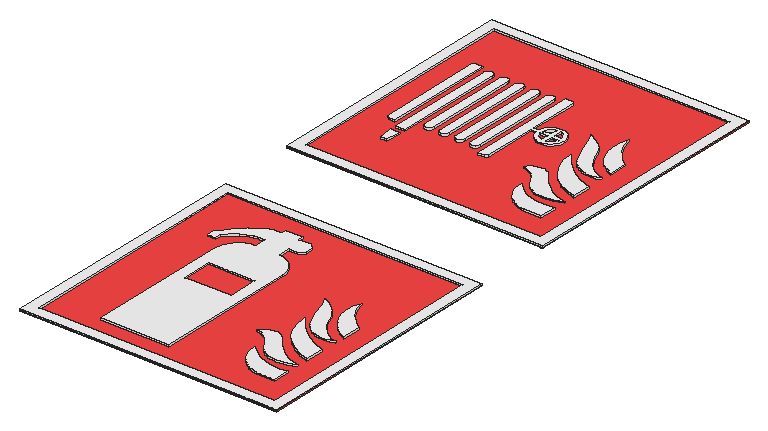
Revit family "GRAS_HWG-33N-KP-20-30 HS Z", category Osprzęt hydrauliczny, Revit 2018
Family settings
  Obiekt nadrzędny = Powierzchnia
  Wymiar okrągłego złącza = Użyj średnicy
  Typ części = Normalny
  Tnij formami wycięć po wczytaniu = Nie
  Współdzielony = Nie
  Punkt obliczania pomieszczeń = Nie
Parameters (values of type "HWG-33N-KP-20/30 HS-Z, RAL3000")
  W1 = 80 mm
  URL = "http://www.gras.pl/"
  Top Right Supply Connection = ""
  Top Left Supply Connection = ""
  Side Right Supply Connection = ""
  Side Left Supply Connection = ""
  Producent = "GRAS PPPH"
  Pictogram_height = 90 mm
  Opis = "http://gras.pl/wp-content/uploads/2020/01/gras-hwg-33n-kp-20-30-hs-z.pdf"
  Model = "HWG-33N-KP-20/30 HS-Z, RAL3000"
  K Factor = 42
  H1 = 120 mm
  Flow = 114.0 L/s
  Door_Right - Door_Left [instance] = no
  Default Elevation = 0 mm
  DN = 32 mm
  D1 = 120 mm
  Cabinet width = 795 mm
  Cabinet material = DC01, RAL3000
  Cabinet height = 1040 mm
  Cabinet depth = 290 mm
  Back Right Supply Connection = ""
  Back Left Supply Connection = ""
  0 = 0 mm
Types (2, lengths in mm): name | Model | Cabinet material
  HWG-33N-KP-20/30 HS-Z, RAL9010 | "HWG-33N-KP-20/30 HS-Z, RAL9010" | DC01, RAL9010
  HWG-33N-KP-20/30 HS-Z, RAL3000 | "HWG-33N-KP-20/30 HS-Z, RAL3000" | DC01, RAL3000
Reference planes
  plane 1 "Środek (Przód/Tył)": y = 0
  plane 2: z = 0
  plane 3 "Środek (Lewa/Prawa)": x = 0
  plane 4: y = 520
  plane 5: y = -520
  plane 6: x = -397.5
  plane 7: x = 397.5
  plane 8: z = 290
  plane 9: z = 130
  plane 10: x = 397.5
  plane 11: z = 0
  plane 12: x = -397.5
  plane 13: z = 130
  plane 14: z = 130
Forms (mm)
  Extrusion 1, solid, not visible
    sketch origin (0, 0, 0) x (1, 0, 0) y (0, 1, 0)
      loop
        line (-1219.2, 1219.2) -> (-1219.2, -1219.2) -> (1219.2, -1219.2) -> (1219.2, 1219.2) -> (-1219.2, 1219.2)
    from 0 to -304.8
Dimensions and locks
  equal spacing: plane 4, plane 1 "Środek (Przód/Tył)", plane 5
  "Cabinet height": plane 4 to plane 5
  equal spacing: plane 6, plane 3 "Środek (Lewa/Prawa)", plane 7
  "Cabinet width": plane 6 to plane 7
  "Cabinet depth": plane 8 to Extrusion 1
  "0": nested 1 to plane 8
  "0": plane 3 "Środek (Lewa/Prawa)" to nested 1
  "0": plane 3 "Środek (Lewa/Prawa)" to nested 2
  "0": plane 1 "Środek (Przód/Tył)" to nested 2
  "Pictogram_height": plane 4 to nested 1
  "0": nested 2 to nested 3
  locked: nested 1 to nested 3 at 45
  aligned and locked: plane 2 to Extrusion 1
  aligned and locked: level to Extrusion 1
Automatic sketch dimensions
  Extrusion 1 sketch curve to Extrusion 1 sketch curve = 2438.4 mm  (x2)
Nested families
  nested 1: "pictogram_hydrant" at (0, 355, 290), type "150x150"
  nested 2: "Cabinet_complet" at (0, 0, 0), visible <- "Door_Right - Door_Left", type "Cabinet_complet"
    with W1 80 mm, Visible_Right yes, Left_Right no, Hinge_H2 878 mm, Half_Height 520 mm, Height 1040 mm, H1 120 mm, Flow 114.0 L/s, Door_Rubber 268 mm, Door_Height 974 mm, Door_Half_Height 487 mm, Depth 290 mm, DN_Hole 52 mm, DN 32 mm, D1 120 mm
  nested 3: "pictogram_fire_extinguisher" at (0, 160, 290), type "150x150"
Connectors
  piping at (396.5, 400, 120), diameter 32, driven by "DN", driven by "Flow"
    settings: on nested 2, index 1, connector inside diameter 609.6 mm, connector length 0 mm, flow factor 0, pipe flow 114.0 L/s, pressure drop 0.0 Pa, fitting loss kfactor 0, connector angle 0.00°, fixture units 0, engagement length 0 mm, angle of deflection 0.00°, flow configuration 0, flow direction 0, fitting loss method 0, system type 7, joint type 0, gender type 0, connector reference index -1, connector utility 0, adjustable connector no, is connector primary yes, connector description ""
  piping at (317.5, 400, 1), diameter 32, driven by "DN", driven by "Flow"
    settings: on nested 2, index 2, connector inside diameter 609.6 mm, connector length 0 mm, flow factor 0, pipe flow 114.0 L/s, pressure drop 0.0 Pa, fitting loss kfactor 0, connector angle 0.00°, fixture units 0, engagement length 0 mm, angle of deflection 0.00°, flow configuration 0, flow direction 0, fitting loss method 0, system type 7, joint type 0, gender type 0, connector reference index -1, connector utility 0, adjustable connector no, is connector primary no, connector description ""
  piping at (-397.5, 400, 120), diameter 32, driven by "DN", driven by "Flow"
    settings: on nested 2, index 3, connector inside diameter 609.6 mm, connector length 0 mm, flow factor 0, pipe flow 114.0 L/s, pressure drop 0.0 Pa, fitting loss kfactor 0, connector angle 0.00°, fixture units 0, engagement length 0 mm, angle of deflection 0.00°, flow configuration 0, flow direction 0, fitting loss method 0, system type 19, joint type 0, gender type 0, connector reference index -1, connector utility 0, adjustable connector no, is connector primary no, connector description ""
  piping at (-317.5, 400, 0), diameter 32, driven by "DN"
    settings: on nested 2, index 4, connector inside diameter 609.6 mm, connector length 0 mm, flow factor 0, pipe flow 0.0 L/s, pressure drop 0.0 Pa, fitting loss kfactor 0, connector angle 0.00°, fixture units 0, engagement length 0 mm, angle of deflection 0.00°, flow configuration 0, flow direction 0, fitting loss method 0, system type 19, joint type 0, gender type 0, connector reference index -1, connector utility 0, adjustable connector no, is connector primary no, connector description ""
Definition of nested family "pictogram_hydrant"
  Parameters (values of type "150x150")
    pictogram_color_white = none
    pictogram_color_red = none
    W = 150 mm
    H = 150 mm
    Default Elevation = 1219.2 mm
  Reference planes
    plane 1 "Środek (Przód/Tył)": y = 0
    plane 2: z = 0
    plane 3 "Środek (Lewa/Prawa)": x = 0
    plane 4: x = -75
    plane 5: x = 75
    plane 6: y = 75
    plane 7: x = -75
    plane 8: x = 75
    plane 9: y = 75
    plane 10: y = -75
  Forms (mm)
    Extrusion 1, solid, material <- "pictogram_color_white", detail levels fine
      sketch origin (0, 0, 0) x (1, 0, 0) y (0, 1, 0)
        loop
          arc (-42.375, 34.5) -> (-45, 37.125) -> (-47.625, 34.5) r 2.625
          line (-47.625, 34.5) -> (-47.625, -29.625) -> (-42.375, -29.625) -> (-42.375, 34.5)
        loop
          arc (-38.625, -19.5) -> (-36, -22.125) -> (-33.375, -19.5) r 2.625
          line (-33.375, -19.5) -> (-33.375, 34.5)
          arc (-33.375, 34.5) -> (-36, 37.125) -> (-38.625, 34.5) r 2.625
          line (-38.625, 34.5) -> (-38.625, -19.5)
        loop
          arc (-29.625, -19.5) -> (-27, -22.125) -> (-24.375, -19.5) r 2.625
          line (-24.375, -19.5) -> (-24.375, 34.5)
          arc (-24.375, 34.5) -> (-27, 37.125) -> (-29.625, 34.5) r 2.625
          line (-29.625, 34.5) -> (-29.625, -19.5)
        loop
          arc (-20.625, -19.5) -> (-18, -22.125) -> (-15.375, -19.5) r 2.625
          line (-15.375, -19.5) -> (-15.375, 34.5)
          arc (-15.375, 34.5) -> (-18, 37.125) -> (-20.625, 34.5) r 2.625
          line (-20.625, 34.5) -> (-20.625, -19.5)
        loop
          arc (-11.625, -19.5) -> (-9, -22.125) -> (-6.375, -19.5) r 2.625
          line (-6.375, -19.5) -> (-6.375, 34.5)
          arc (-6.375, 34.5) -> (-9, 37.125) -> (-11.625, 34.5) r 2.625
          line (-11.625, 34.5) -> (-11.625, -19.5)
        loop
          arc (8.096, 6.375) -> (9.601, 3.593) -> (12.375, 2.075) r 5.587
          line (12.375, 2.075) -> (12.375, 6.375) -> (8.096, 6.375)
        loop
          arc (14.625, 2.05) -> (17.477, 3.549) -> (19.026, 6.375) r 5.587
          line (19.026, 6.375) -> (14.625, 6.375) -> (14.625, 2.05)
        loop
          arc (12.375, 12.994) -> (9.576, 11.45) -> (8.081, 8.625) r 5.587
          line (8.081, 8.625) -> (12.375, 8.625) -> (12.375, 12.994)
        loop
          arc (19.04, 8.625) -> (17.502, 11.494) -> (14.625, 13.019) r 5.587
          line (14.625, 13.019) -> (14.625, 8.625) -> (19.04, 8.625)
        loop
          arc (30.735, -35.586) -> (34.985, -47.78) -> (46.5, -53.625) r 17.285
          line (46.5, -53.625) -> (56.625, -53.625) -> (56.625, -43.857)
          arc (56.625, -43.857) -> (42.542, -43.284) -> (30.735, -35.586) r 26.558
        loop
          arc (43.5, 26.625) -> (44.037, 9.214) -> (56.632, -2.819) r 22.981
          line (56.632, -2.819) -> (56.601, 7.732)
          arc (56.601, 7.732) -> (48.159, 15.867) -> (43.5, 26.625) r 29.857
        loop
          arc (36.375, -1.5) -> (44.77, -9.178) -> (56.121, -8.425) r 14.487
          arc (56.121, -8.425) -> (50.239, -6.221) -> (45.629, -1.954) r 16.287
          arc (45.629, -1.954) -> (42.437, 2.964) -> (40.404, 8.464) r 26.509
          arc (40.404, 8.464) -> (34.776, 15.029) -> (27.375, 19.5) r 27.251
          arc (27.375, 19.5) -> (29.19, 16.657) -> (30.375, 13.5) r 16.152
          arc (30.375, 13.5) -> (32.842, 5.787) -> (36.375, -1.5) r 57.118
        loop
          line (75, -75) -> (75, 75) -> (-75, 75) -> (-75, -75) -> (75, -75)
        loop
          line (69, -69) -> (69, 69) -> (-69, 69) -> (-69, -69) -> (69, -69)
        loop
          line (-55.125, -25.5) -> (-51.375, -25.5) -> (-51.375, 38.625) -> (-55.125, 38.625) -> (-56.625, 37.125) -> (-56.625, -24) -> (-55.125, -25.5)
        loop
          line (-43.234, -41.671) -> (-42.368, -33.375) -> (-47.658, -33.375) -> (-46.721, -41.671) -> (-43.234, -41.671)
        loop
          line (5.748, 8.625) -> (2.625, 8.625) -> (2.625, 37.125) -> (1.125, 38.625) -> (-2.625, 38.625) -> (-2.625, -25.5) -> (1.125, -25.5) -> (2.625, -24) -> (2.625, 6.375) -> (5.748, 6.375)
          arc (5.748, 6.375) -> (21.333, 7.5) -> (5.748, 8.625) r 7.833
        loop
          arc (56.626, -18.699) -> (42.495, -11.687) -> (31.5, -0.375) r 46.748
          arc (31.5, -0.375) -> (38.925, -19.413) -> (56.626, -29.624) r 30.825
          line (56.626, -29.624) -> (56.626, -18.699)
        loop
          arc (30.403, -18.389) -> (25.366, -19.297) -> (21.375, -22.5) r 10.383
          arc (21.375, -22.5) -> (27.7, -25.134) -> (32.166, -30.331) r 14.829
          arc (32.166, -30.331) -> (35.524, -35.29) -> (40.5, -38.625) r 15.649
          arc (40.5, -38.625) -> (48.741, -38.75) -> (56.621, -36.335) r 26.465
          arc (56.621, -36.335) -> (49.534, -34.515) -> (43.5, -30.375) r 21.005
          arc (43.5, -30.375) -> (39.113, -26.466) -> (35.439, -21.881) r 35.088
          arc (35.439, -21.881) -> (33.209, -19.719) -> (30.403, -18.389) r 9.54
      from 0.2 to 1
    Extrusion 2, solid, material <- "pictogram_color_red", detail levels fine
      sketch origin (0, 0, 0) x (1, 0, 0) y (0, 1, 0)
        loop
          line (-75, 75) -> (-75, -75) -> (75, -75) -> (75, 75) -> (-75, 75)
      from 0 to 0.2
  Dimensions and locks
    equal spacing: plane 7, plane 3 "Środek (Lewa/Prawa)", plane 8
    "W": plane 7 to plane 8
    equal spacing: plane 9, plane 1 "Środek (Przód/Tył)", plane 10
    "H": plane 9 to plane 10
    aligned and locked: level to plane 2
    aligned and locked: Extrusion 1 to Extrusion 2  (x2)
    aligned and locked: Extrusion 2 to Extrusion 1  (x3)
    aligned and locked: Extrusion 1 to plane 7
    aligned and locked: plane 8 to Extrusion 1
    aligned and locked: plane 9 to Extrusion 1
    aligned and locked: Extrusion 1 to plane 10
  Automatic sketch dimensions
    Extrusion 1 sketch curve to Extrusion 1 sketch curve = 0 mm  (x22)
    Extrusion 1 sketch curve to plane 4 = 0 mm
    Extrusion 1 sketch curve to plane 5 = 0 mm
    Extrusion 1 sketch curve to plane 6 = 0 mm
    plane 4 to Extrusion 1 sketch curve = 6 mm
    plane 4 to Extrusion 1 sketch curve = 18.375 mm
    Extrusion 1 sketch curve to Extrusion 1 sketch curve = 1.5 mm  (x7)
    Extrusion 1 sketch curve to Extrusion 1 sketch curve = 3.75 mm  (x6)
    Extrusion 1 sketch curve to Extrusion 1 sketch curve = 3.717 mm
    Extrusion 1 sketch curve to Extrusion 1 sketch curve = 0.033 mm
    Extrusion 1 sketch curve to Extrusion 1 sketch curve = 0.938 mm
    Extrusion 1 sketch curve to Extrusion 1 sketch curve = 2.625 mm  (x7)
    Extrusion 1 sketch curve to Extrusion 1 sketch curve = 3.487 mm
    Extrusion 1 sketch curve to Extrusion 1 sketch curve = 0.007 mm
    Extrusion 1 sketch curve to plane 3 "Środek (Lewa/Prawa)" = 2.625 mm
    plane 3 "Środek (Lewa/Prawa)" to Extrusion 1 sketch curve = 1.125 mm  (x2)
    plane 3 "Środek (Lewa/Prawa)" to Extrusion 1 sketch curve = 2.625 mm
    Extrusion 1 sketch curve to Extrusion 1 sketch curve = 3.123 mm
    Extrusion 1 sketch curve to Extrusion 1 sketch curve = 2.333 mm
    Extrusion 1 sketch curve to Extrusion 1 sketch curve = 0.014 mm  (x2)
    Extrusion 1 sketch curve to Extrusion 1 sketch curve = 4.294 mm
    Extrusion 1 sketch curve to Extrusion 1 sketch curve = 1.125 mm  (x2)
    Extrusion 1 sketch curve to Extrusion 1 sketch curve = 0.061 mm
    Extrusion 1 sketch curve to Extrusion 1 sketch curve = 1.064 mm  (x2)
    Extrusion 1 sketch curve to Extrusion 1 sketch curve = 0.118 mm
    Extrusion 1 sketch curve to Extrusion 1 sketch curve = 2.539 mm
    plane 3 "Środek (Lewa/Prawa)" to Extrusion 1 sketch curve = 18.99 mm
    Extrusion 1 sketch curve to Extrusion 1 sketch curve = 4.401 mm
    Extrusion 1 sketch curve to Extrusion 1 sketch curve = 8.783 mm
    Extrusion 1 sketch curve to Extrusion 1 sketch curve = 1.895 mm
    plane 1 "Środek (Przód/Tył)" to Extrusion 1 sketch curve = 12.549 mm
    Extrusion 1 sketch curve to Extrusion 1 sketch curve = 15.349 mm
    Extrusion 1 sketch curve to plane 5 = 28.5 mm
    Extrusion 1 sketch curve to Extrusion 1 sketch curve = 1.545 mm
    Extrusion 1 sketch curve to Extrusion 1 sketch curve = 1.437 mm
    Extrusion 1 sketch curve to plane 1 "Środek (Przód/Tył)" = 4.493 mm
    Extrusion 1 sketch curve to Extrusion 1 sketch curve = 4.546 mm
    Extrusion 1 sketch curve to Extrusion 1 sketch curve = 4.061 mm
    Extrusion 1 sketch curve to Extrusion 1 sketch curve = 7.037 mm
    Extrusion 1 sketch curve to Extrusion 1 sketch curve = 10.125 mm
    Extrusion 1 sketch curve to Extrusion 1 sketch curve = 8.626 mm
    plane 1 "Środek (Przód/Tył)" to Extrusion 1 sketch curve = 2.819 mm
    Extrusion 1 sketch curve to Extrusion 1 sketch curve = 7.068 mm
    Extrusion 1 sketch curve to Extrusion 1 sketch curve = 1.594 mm
    Extrusion 1 sketch curve to Extrusion 1 sketch curve = 2.188 mm
    Extrusion 1 sketch curve to plane 1 "Środek (Przód/Tył)" = 0.672 mm
    Extrusion 1 sketch curve to Extrusion 1 sketch curve = 5.675 mm
    plane 1 "Środek (Przód/Tył)" to Extrusion 1 sketch curve = 2.314 mm
    Extrusion 1 sketch curve to Extrusion 1 sketch curve = 2.258 mm
    Extrusion 1 sketch curve to plane 5 = 9.975 mm
    Extrusion 1 sketch curve to Extrusion 1 sketch curve = 1.108 mm
    Extrusion 1 sketch curve to plane 5 = 6 mm
    Extrusion 1 sketch curve to plane 5 = 4.96 mm
    Extrusion 1 sketch curve to plane 5 = 2.306 mm
    plane 5 to Extrusion 1 sketch curve = 10.875 mm
    Extrusion 1 sketch curve to Extrusion 1 sketch curve = 12.572 mm
    Extrusion 1 sketch curve to Extrusion 1 sketch curve = 5.437 mm
    Extrusion 1 sketch curve to Extrusion 1 sketch curve = 3.308 mm
    plane 1 "Środek (Przód/Tył)" to Extrusion 1 sketch curve = 19.5 mm
    Extrusion 1 sketch curve to Extrusion 1 sketch curve = 4.5 mm  (x2)
    Extrusion 1 sketch curve to Extrusion 1 sketch curve = 6.213 mm
    Extrusion 1 sketch curve to Extrusion 1 sketch curve = 3.361 mm
    Extrusion 1 sketch curve to Extrusion 1 sketch curve = 1.186 mm
    Extrusion 1 sketch curve to Extrusion 1 sketch curve = 10.925 mm
    Extrusion 1 sketch curve to Extrusion 1 sketch curve = 4.125 mm
    Extrusion 1 sketch curve to Extrusion 1 sketch curve = 6.781 mm
    Extrusion 1 sketch curve to Extrusion 1 sketch curve = 9.577 mm
    Extrusion 1 sketch curve to Extrusion 1 sketch curve = 8.296 mm
    Extrusion 1 sketch curve to Extrusion 1 sketch curve = 7.452 mm
    Extrusion 1 sketch curve to Extrusion 1 sketch curve = 9.768 mm
    Extrusion 1 sketch curve to Extrusion 1 sketch curve = 27.329 mm
    Extrusion 1 sketch curve to Extrusion 1 sketch curve = 6 mm
    plane 1 "Środek (Przód/Tył)" to Extrusion 1 sketch curve = 5.765 mm
    Extrusion 1 sketch curve to plane 1 "Środek (Przód/Tył)" = 2.05 mm
    Extrusion 1 sketch curve to plane 1 "Środek (Przód/Tył)" = 2.075 mm
    Extrusion 1 sketch curve to Extrusion 1 sketch curve = 4.325 mm
    Extrusion 1 sketch curve to Extrusion 1 sketch curve = 0.034 mm
    Extrusion 1 sketch curve to plane 1 "Środek (Przód/Tył)" = 7.642 mm
    Extrusion 1 sketch curve to Extrusion 1 sketch curve = 0.09 mm
    Extrusion 1 sketch curve to Extrusion 1 sketch curve = 2.25 mm
    Extrusion 1 sketch curve to Extrusion 1 sketch curve = 0.809 mm
    Extrusion 1 sketch curve to Extrusion 1 sketch curve = 7.206 mm
    Extrusion 1 sketch curve to Extrusion 1 sketch curve = 3.727 mm
    Extrusion 1 sketch curve to Extrusion 1 sketch curve = 7.508 mm
    Extrusion 1 sketch curve to Extrusion 1 sketch curve = 0.917 mm
    Extrusion 1 sketch curve to Extrusion 1 sketch curve = 6.797 mm
    Extrusion 1 sketch curve to plane 1 "Środek (Przód/Tył)" = 34.5 mm
    Extrusion 1 sketch curve to plane 6 = 6 mm
    Extrusion 1 sketch curve to Extrusion 1 sketch curve = 6.399 mm
    Extrusion 1 sketch curve to Extrusion 1 sketch curve = 8.335 mm
    Extrusion 1 sketch curve to Extrusion 1 sketch curve = 3 mm
    Extrusion 1 sketch curve to Extrusion 1 sketch curve = 2.63 mm
    Extrusion 1 sketch curve to Extrusion 1 sketch curve = 2.497 mm
    Extrusion 1 sketch curve to Extrusion 1 sketch curve = 5.036 mm
    plane 1 "Środek (Przód/Tył)" to Extrusion 1 sketch curve = 1.5 mm
    Extrusion 1 sketch curve to Extrusion 1 sketch curve = 4.875 mm
    Extrusion 1 sketch curve to plane 1 "Środek (Przód/Tył)" = 8.464 mm
    Extrusion 1 sketch curve to Extrusion 1 sketch curve = 7.5 mm
    Extrusion 1 sketch curve to Extrusion 1 sketch curve = 3.063 mm
    plane 1 "Środek (Przód/Tył)" to Extrusion 1 sketch curve = 1.954 mm
    Extrusion 1 sketch curve to Extrusion 1 sketch curve = 0.005 mm
    Extrusion 2 sketch curve to plane 4 = 0 mm
    Extrusion 2 sketch curve to plane 5 = 0 mm
    Extrusion 2 sketch curve to plane 6 = 0 mm
    plane 1 "Środek (Przód/Tył)" to Extrusion 2 sketch curve = 75 mm
Definition of nested family "Cabinet_complet"
  Parameters (values of type "Cabinet_complet")
    W1 = 100 mm
    Visible_Right = not(Left_Right)  # no
    Thickness = 1 mm
    Rubber = 8 mm
    Roof = 40 mm
    Material_hinge_lock = none
    Material = none
    Left_Right = yes
    Hinge_H2 = Height - Roof - Frame - 100 mm  # 733 mm
    Hinge_H1 = 100 mm
    Half_Height = Height / 2  # 447.5 mm
    Height = 895 mm
    Width = 795 mm
    H1 = 130 mm
    Gap = 4 mm
    Frame = 22 mm
    Flow = 35.0 L/s
    Door_Width = Width  # 795 mm
    Door_Rubber = Depth - Door_Depth  # 228 mm
    Door_Height = Height - Gap - Roof - Frame  # 829 mm
    Door_Half_Height = Door_Height / 2  # 414.5 mm
    Door_Depth = 22 mm
    Depth = 250 mm
    DN_Hole = DN + 20 mm  # 45 mm
    DN = 25 mm
    D1 = 100 mm
    0 = 0 mm
  Reference planes
    plane 1 "Środek (Przód/Tył)": y = 0
    plane 2: z = 0
    plane 3 "Środek (Lewa/Prawa)": x = 0
    plane 4: z = 250
    plane 5: y = 895
    plane 6: y = -447.5
    plane 7: x = 397.5
    plane 8: x = -397.5
    plane 9: y = -33
  Dimensions and locks
    "0": plane 3 "Środek (Lewa/Prawa)" to nested 1
    "0": plane 1 "Środek (Przód/Tył)" to nested 1
    "Height": plane 5 to plane 1 "Środek (Przód/Tył)"
    "0": plane 3 "Środek (Lewa/Prawa)" to nested 2
    "Door_Rubber": nested 2 to plane 2
    "Half_Height": plane 1 "Środek (Przód/Tył)" to plane 6
    "0": nested 2 to plane 6
    equal spacing: plane 7, plane 3 "Środek (Lewa/Prawa)", plane 8
    "Width": plane 7 to plane 8
    "Depth": plane 4 to level
    "0": nested 3 to plane 8
    "0": nested 4 to plane 8
    "Hinge_H1": plane 6 to nested 4
    "Hinge_H2": nested 3 to plane 6
    "Gap": nested 3 to plane 4
    "Gap": plane 4 to nested 4
    "0": nested 6 to plane 8
    "0": plane 7 to nested 5
    "Door_Half_Height": plane 9 to plane 6
    "0": plane 9 to nested 5
    "0": nested 6 to plane 9
    "Gap": nested 6 to plane 4
    "Gap": plane 4 to nested 5
    "0": plane 3 "Środek (Lewa/Prawa)" to nested 7
    "0": nested 7 to plane 1 "Środek (Przód/Tył)"
    "0": plane 7 to nested 8
    "0": plane 7 to nested 9
    "Hinge_H1": plane 6 to nested 9
    "Hinge_H2": plane 6 to nested 8
    "Gap": plane 4 to nested 9
    "Gap": plane 4 to nested 8
    aligned and locked: level to plane 2
  Nested families
    nested 1: "HS-Z v2" at (0, 0, 0), visible <- "Visible_Right", type "HS-Z v2"
      with Srednica 45 mm
    nested 2: "door" at (0, -33, 228), type "door"
    nested 3: "zawias" at (-402.5, 310.5, 216) x (-1, 0, 0) z (0, 0, 1), visible <- "Left_Right", type "zawias"
    nested 4: "zawias" at (-402.5, -322.5, 216) x (-1, 0, 0) z (0, 0, 1), visible <- "Left_Right", type "zawias"
    nested 5: "zamek" at (397.5, -33, 211), visible <- "Left_Right", type "zamek"
    nested 6: "zamek" at (-397.5, -33, 211) x (-1, 0, 0) z (0, 0, 1), visible <- "Visible_Right", type "zamek"
    nested 7: "HS-Z v2" at (0, 0, 0) x (-1, 0, 0) z (0, 0, 1), visible <- "Left_Right", type "HS-Z v2"
      with Srednica 45 mm
    nested 8: "zawias" at (402.5, 310.5, 216), visible <- "Visible_Right", type "zawias"
    nested 9: "zawias" at (402.5, -322.5, 216), visible <- "Visible_Right", type "zawias"
  Definition of nested family "HS-Z v2"
    Parameters (values of type "HS-Z v2")
      Width = 795 mm
      W1 = 100 mm
      D1 = 100 mm
      Thickness = 1 mm
      Srednica = 100 mm
      Rubber = 8 mm
      Roof_out = 10 mm
      Roof_Height = 40 mm
      Materiał = none
      Height = 895 mm
      H1 = 130 mm
      Frame = 22 mm
      Door_Depth_rubber = Door_Depth + Rubber  # 30 mm
      Door_Depth = 22 mm
      Depth = 250 mm
      DN = 45 mm
      Cabinet_depth = Depth - Door_Depth_rubber  # 220 mm
      0 = 0 mm
    Reference planes
      plane 1 "Środek (Przód/Tył)": y = 0
      plane 2: z = 0
      plane 3 "Środek (Lewa/Prawa)": x = 0
      plane 4: x = -397.5
      plane 5: x = 397.5
      plane 6: y = 447.5
      plane 7: y = -447.5
      plane 8: z = 250
      plane 9: z = 220
      plane 10: y = 407.5
      plane 11: y = 385.5
      plane 12: z = 260
      plane 13: y = 363.5
      plane 14: z = 259
      plane 15: z = 1
      plane 16: y = -446.5
      plane 17: z = 219
      plane 18: y = 446.5
      plane 19: y = 386.5
      plane 20: y = 406.5
      plane 21: x = 396.5
      plane 22: x = -396.5
      plane 23: x = -375.5
      plane 24: x = 375.5
      plane 25: y = -425.5
      plane 26: y = 317.5
      plane 27: z = 100
      plane 28: x = 297.5
    Forms (mm)
      Extrusion 1, solid, material <- "Materiał"
        sketch origin (0, 0, 0) x (0, 1, 0) y (0, 0, 1)
          loop
            line (447.5, 0) -> (407.5, 260) -> (385.5, 260) -> (391.654, 220) -> (-447.5, 220) -> (-447.5, 0) -> (447.5, 0)
        from -397.5 to 397.5
      Extrusion 2, void
        sketch origin (0, 0, 0) x (0, 1, 0) y (0, 0, 1)
          loop
            line (446.5, 1) -> (406.5, 259) -> (386.5, 259) -> (392.702, 219) -> (-446.5, 219) -> (-446.5, 1) -> (446.5, 1)
        from -396.5 to 396.5
      Extrusion 3, void
        sketch origin (0, 0, 0) x (1, 0, 0) y (0, 1, 0)
          loop
            line (-375.5, 363.5) -> (-375.5, -425.5) -> (375.5, -425.5) -> (375.5, 363.5) -> (-375.5, 363.5)
        from 1 to 260
      Extrusion 4, void
        sketch origin (0, 0, 0) x (1, 0, 0) y (0, 1, 0)
          loop
            circle (297.5, 317.5) r 22.5
        from 0 to 110
      Extrusion 5, void
        sketch origin (397.5, 0, 0) x (0, -1, 0) y (0, 0, 1)
          loop
            circle (-317.5, 100) r 22.5
        from 0 to 1
    Cuts and joins
      Extrusion 2, Extrusion 3, Extrusion 4, Extrusion 5 cuts Extrusion 1
    Dimensions and locks
      equal spacing: plane 4, plane 3 "Środek (Lewa/Prawa)", plane 5
      "Width": plane 4 to plane 5
      equal spacing: plane 6, plane 1 "Środek (Przód/Tył)", plane 7
      "Height": plane 6 to plane 7
      "Roof_Height": plane 6 to plane 10
      "Frame": plane 10 to plane 11
      "Cabinet_depth": plane 9 to plane 2
      "Depth": plane 8 to plane 2
      "Roof_out": plane 12 to plane 8
      "Frame": plane 11 to plane 13
      "Thickness": plane 12 to plane 14
      "Thickness": plane 15 to plane 2
      "Thickness": plane 16 to plane 7
      "Thickness": plane 9 to plane 17
      "Thickness": plane 6 to plane 18
      "Thickness": plane 19 to plane 11
      "Thickness": plane 10 to plane 20
      "Thickness": plane 4 to plane 22
      "Thickness": plane 21 to plane 5
      "Frame": plane 25 to plane 7
      "Frame": plane 4 to plane 23
      "Frame": plane 24 to plane 5
      "0": cut or joined group of Extrusion 1, Extrusion 2, Extrusion 3, Extrusion 4, Extrusion 5 to plane 5
      "0": plane 4 to cut or joined group of Extrusion 1, Extrusion 2, Extrusion 3, Extrusion 4, Extrusion 5
      "0": plane 22 to cut or joined group of Extrusion 1, Extrusion 2, Extrusion 3, Extrusion 4, Extrusion 5
      "0": cut or joined group of Extrusion 1, Extrusion 2, Extrusion 3, Extrusion 4, Extrusion 5 to plane 21
      "0": plane 12 to cut or joined group of Extrusion 1, Extrusion 2, Extrusion 3, Extrusion 4, Extrusion 5
      "D1": plane 27 to level
      "H1": plane 6 to plane 26
      "W1": plane 28 to plane 5
      "0": cut or joined group of Extrusion 1, Extrusion 2, Extrusion 3, Extrusion 4, Extrusion 5 to cut or joined group of Extrusion 1, Extrusion 2, Extrusion 3, Extrusion 4, Extrusion 5
      "0": plane 21 to cut or joined group of Extrusion 1, Extrusion 2, Extrusion 3, Extrusion 4, Extrusion 5
      "0": Extrusion 5 sketch curve to plane 26
      "0": Extrusion 5 sketch curve to plane 27
      "DN": diameter of Extrusion 4 sketch curve
      "DN": diameter of Extrusion 5 sketch curve
      aligned and locked: level to plane 2
    Automatic sketch dimensions
      Extrusion 1 sketch curve to plane 7 = 0 mm
      Extrusion 1 sketch curve to plane 11 = 0 mm
      Extrusion 1 sketch curve to plane 9 = 0 mm
      Extrusion 1 sketch curve to plane 10 = 0 mm
      Extrusion 1 sketch curve to level = 0 mm
      Extrusion 1 sketch curve to plane 6 = 0 mm
      Extrusion 1 sketch curve to plane 12 = 0 mm
      Extrusion 1 sketch curve to plane 11 = 6.154 mm
      Extrusion 2 sketch curve to plane 16 = 0 mm
      Extrusion 2 sketch curve to plane 15 = 0 mm
      Extrusion 2 sketch curve to plane 14 = 0 mm
      Extrusion 2 sketch curve to plane 19 = 0 mm
      Extrusion 2 sketch curve to plane 17 = 0 mm
      Extrusion 2 sketch curve to plane 20 = 0 mm
      Extrusion 2 sketch curve to plane 18 = 0 mm
      Extrusion 2 sketch curve to plane 19 = 6.202 mm
      Extrusion 3 sketch curve to plane 23 = 0 mm
      plane 13 to Extrusion 3 sketch curve = 0 mm
      Extrusion 3 sketch curve to plane 24 = 0 mm
      Extrusion 3 sketch curve to plane 25 = 0 mm
      plane 26 to Extrusion 4 sketch curve = 0 mm
      Extrusion 4 sketch curve to plane 28 = 0 mm
  Definition of nested family "door"
    Parameters (values of type "door")
      Material = none
      Height = 829 mm
      Width = 795 mm
      Depth = 22 mm
      0 = 0 mm
    Reference planes
      plane 1 "Środek (Przód/Tył)": y = 0
      plane 2: z = 0
      plane 3 "Środek (Lewa/Prawa)": x = 0
      plane 4: x = -397.5
      plane 5: x = 397.5
      plane 6: y = 414.5
      plane 7: y = -414.5
      plane 8: z = 22
    Forms (mm)
      Extrusion 1, solid, material <- "Material"
        sketch origin (0, 0, 0) x (1, 0, 0) y (0, 1, 0)
          loop
            line (-397.5, 414.5) -> (-397.5, -414.5) -> (397.5, -414.5) -> (397.5, 414.5) -> (-397.5, 414.5)
        from 0 to 22
    Dimensions and locks
      equal spacing: plane 6, plane 1 "Środek (Przód/Tył)", plane 7
      equal spacing: plane 4, plane 3 "Środek (Lewa/Prawa)", plane 5
      "Width": plane 4 to plane 5
      "Height": plane 6 to plane 7
      "Depth": plane 8 to plane 2
      "0": plane 8 to Extrusion 1
      aligned and locked: level to plane 2
    Automatic sketch dimensions
      Extrusion 1 sketch curve to plane 4 = 0 mm
      Extrusion 1 sketch curve to plane 5 = 0 mm
      Extrusion 1 sketch curve to plane 7 = 0 mm
      Extrusion 1 sketch curve to plane 6 = 0 mm
  Definition of nested family "zawias"
    Parameters (values of type "zawias")
      width_height = 50 mm
      faza = 3 mm
      Visible = yes
      Materiał = none
      Depth = 10 mm
    Reference planes
      plane 1 "Środek (Przód/Tył)": y = 0
      plane 2: z = 0
      plane 3 "Środek (Lewa/Prawa)": x = 0
      plane 4: x = -25
      plane 5: y = 25
      plane 6: x = 25
      plane 7: y = -25
      plane 8: z = 10
      plane 9: z = 7
      plane 10: x = -3
      plane 11: x = 3
      plane 12: x = 22
      plane 13: x = -22
    Forms (mm)
      Extrusion 1, solid, material <- "Materiał"
        sketch origin (-5, 0, 5) x (0, 0, -1) y (1, 0, 0)
          loop
            line (-25, 0) -> (25, 0) -> (25, 7) -> (22, 10) -> (3, 10) -> (0, 7) -> (-3, 10) -> (-22, 10) -> (-25, 7) -> (-25, 0)
        from -25 to 25
    Dimensions and locks
      equal spacing: plane 4, plane 3 "Środek (Lewa/Prawa)", plane 6
      "width_height": plane 4 to plane 6
      equal spacing: plane 5, plane 1 "Środek (Przód/Tył)", plane 7
      "width_height": plane 5 to plane 7
      "Depth": plane 8 to plane 2
      "faza": plane 8 to plane 9
      "faza": plane 13 to plane 4
      "faza": plane 3 "Środek (Lewa/Prawa)" to plane 10
      "faza": plane 11 to plane 3 "Środek (Lewa/Prawa)"
      "faza": plane 6 to plane 12
      aligned and locked: level to plane 2
    Automatic sketch dimensions
      Extrusion 1 sketch curve to plane 10 = 2 mm
      plane 8 to Extrusion 1 sketch curve = 20 mm
      plane 11 to Extrusion 1 sketch curve = 2 mm  (x2)
      Extrusion 1 sketch curve to Extrusion 1 sketch curve = 3 mm  (x2)
      plane 9 to Extrusion 1 sketch curve = 1 mm
      Extrusion 1 sketch curve to plane 9 = 2 mm
      level to Extrusion 1 sketch curve = 2 mm
      Extrusion 1 sketch curve to level = 17 mm
      Extrusion 1 sketch curve to plane 11 = 1 mm  (x2)
  Definition of nested family "zamek"
    Parameters (values of type "zamek")
      height = 20 mm
      depth = 10 mm
      border = 3 mm
      Width = 35 mm
      Material = none
    Reference planes
      plane 1 "Środek (Przód/Tył)": y = 0
      plane 2: z = 0
      plane 3 "Środek (Lewa/Prawa)": x = 0
      plane 4: y = 10
      plane 5: y = -10
      plane 6: y = -7
      plane 7: y = 7
      plane 8: x = 10
      plane 9: x = 3
      plane 10: y = 4
      plane 11: y = -4
      plane 12: z = 35
    Forms (mm)
      Extrusion 1, solid, material <- "Material"
        sketch origin (0, 0, 0) x (1, 0, 0) y (0, 1, 0)
          loop
            line (0, 10) -> (0, -10) -> (10, -10) -> (10, -7) -> (3, -7) -> (3, -4) -> (10, -4) -> (10, 4) -> (3, 4) -> (3, 7) -> (10, 7) -> (10, 10) -> (0, 10)
        from 0 to 35
    Dimensions and locks
      equal spacing: plane 4, plane 1 "Środek (Przód/Tył)", plane 5
      "height": plane 4 to plane 5
      "border": plane 6 to plane 5
      "border": plane 7 to plane 4
      "border": plane 3 "Środek (Lewa/Prawa)" to plane 9
      "depth": plane 3 "Środek (Lewa/Prawa)" to plane 8
      "border": plane 10 to plane 7
      "border": plane 11 to plane 6
      "Width": plane 12 to plane 2
      aligned and locked: level to plane 2
    Automatic sketch dimensions
      Extrusion 1 sketch curve to plane 3 "Środek (Lewa/Prawa)" = 0 mm
      Extrusion 1 sketch curve to plane 9 = 0 mm  (x2)
      plane 7 to Extrusion 1 sketch curve = 0 mm
      Extrusion 1 sketch curve to plane 8 = 0 mm  (x3)
      Extrusion 1 sketch curve to plane 6 = 0 mm
      Extrusion 1 sketch curve to plane 5 = 0 mm
      Extrusion 1 sketch curve to plane 11 = 0 mm
      plane 10 to Extrusion 1 sketch curve = 0 mm
      Extrusion 1 sketch curve to plane 4 = 0 mm
Definition of nested family "pictogram_fire_extinguisher"
  Parameters (values of type "150x150")
    pictogram_color_white = none
    pictogram_color_red = none
    W = 150 mm
    H = 150 mm
    Default Elevation = 1219.2 mm
  Reference planes
    plane 1 "Środek (Przód/Tył)": y = 0
    plane 2: z = 0
    plane 3 "Środek (Lewa/Prawa)": x = 0
    plane 4: x = -75
    plane 5: x = 75
    plane 6: y = 75
    plane 7: x = -75
    plane 8: x = 75
    plane 9: y = 75
    plane 10: y = -75
  Forms (mm)
    Extrusion 1, solid, material <- "pictogram_color_white", detail levels fine
      sketch origin (0, 0, 0) x (1, 0, 0) y (0, 1, 0)
        loop
          arc (30.735, -35.586) -> (34.985, -47.78) -> (46.5, -53.625) r 17.285
          line (46.5, -53.625) -> (56.625, -53.625) -> (56.625, -43.857)
          arc (56.625, -43.857) -> (42.542, -43.284) -> (30.735, -35.586) r 26.558
        loop
          arc (43.5, 26.625) -> (44.037, 9.214) -> (56.632, -2.819) r 22.981
          line (56.632, -2.819) -> (56.601, 7.732)
          arc (56.601, 7.732) -> (48.159, 15.867) -> (43.5, 26.625) r 29.857
        loop
          arc (36.375, -1.5) -> (44.77, -9.178) -> (56.121, -8.425) r 14.487
          arc (56.121, -8.425) -> (50.239, -6.221) -> (45.629, -1.954) r 16.287
          arc (45.629, -1.954) -> (42.437, 2.964) -> (40.404, 8.464) r 26.509
          arc (40.404, 8.464) -> (34.776, 15.029) -> (27.375, 19.5) r 27.251
          arc (27.375, 19.5) -> (29.19, 16.657) -> (30.375, 13.5) r 16.152
          arc (30.375, 13.5) -> (32.842, 5.787) -> (36.375, -1.5) r 57.118
        loop
          line (75, -75) -> (75, 75) -> (-75, 75) -> (-75, -75) -> (75, -75)
        loop
          line (69, -69) -> (69, 69) -> (-69, 69) -> (-69, -69) -> (69, -69)
        loop
          arc (56.626, -18.699) -> (42.495, -11.687) -> (31.5, -0.375) r 46.748
          arc (31.5, -0.375) -> (38.925, -19.413) -> (56.626, -29.624) r 30.825
          line (56.626, -29.624) -> (56.626, -18.699)
        loop
          arc (30.403, -18.389) -> (25.366, -19.297) -> (21.375, -22.5) r 10.383
          arc (21.375, -22.5) -> (27.7, -25.134) -> (32.166, -30.331) r 14.829
          arc (32.166, -30.331) -> (35.524, -35.29) -> (40.5, -38.625) r 15.649
          arc (40.5, -38.625) -> (48.741, -38.75) -> (56.621, -36.335) r 26.465
          arc (56.621, -36.335) -> (49.534, -34.515) -> (43.5, -30.375) r 21.005
          arc (43.5, -30.375) -> (39.113, -26.466) -> (35.439, -21.881) r 35.088
          arc (35.439, -21.881) -> (33.209, -19.719) -> (30.403, -18.389) r 9.54
        loop
          arc (-28.135, 38.476) -> (-37.385, 33.902) -> (-41.122, 24.284) r 14.248
          line (-41.122, 24.284) -> (-41.122, -58.625) -> (-1.122, -58.625) -> (-1.122, 24.284)
          arc (-1.122, 24.284) -> (-4.874, 33.92) -> (-14.155, 38.48) r 14.248
          line (-14.155, 38.48) -> (-14.155, 45.253) -> (-9.049, 45.253) -> (-6.125, 48.144) -> (-6.125, 52.212) -> (-9.049, 55.098) -> (-16.14, 55.098) -> (-16.14, 57.958) -> (-26.127, 57.958) -> (-26.127, 55.097) -> (-29.697, 55.097)
          arc (-29.697, 55.097) -> (-31.398, 54.767) -> (-32.968, 54.035) r 7.098
          arc (-32.968, 54.035) -> (-36.94, 51.561) -> (-40.771, 48.874) r 85.578
          arc (-40.771, 48.874) -> (-46.273, 44.029) -> (-50.76, 38.23) r 38.589
          arc (-50.76, 38.23) -> (-51.27, 36.952) -> (-51.617, 35.62) r 10.98
          line (-51.617, 35.62) -> (-51.617, 32.886) -> (-47.043, 32.886) -> (-47.043, 35.62)
          arc (-47.043, 35.62) -> (-44.146, 39.006) -> (-40.795, 41.943) r 31.093
          arc (-40.795, 41.943) -> (-37.744, 43.697) -> (-34.414, 44.84) r 18.447
          arc (-34.414, 44.84) -> (-32.773, 45.137) -> (-31.107, 45.231) r 13.644
          line (-31.107, 45.231) -> (-28.135, 45.231) -> (-28.135, 38.476)
        loop
          line (-34.597, 12.634) -> (-34.597, -4.827) -> (-7.612, -4.827) -> (-7.612, 12.634) -> (-34.597, 12.634)
      from 0.2 to 1
    Extrusion 2, solid, material <- "pictogram_color_red", detail levels fine
      sketch origin (0, 0, 0) x (1, 0, 0) y (0, 1, 0)
        loop
          line (-75, 75) -> (-75, -75) -> (75, -75) -> (75, 75) -> (-75, 75)
      from 0 to 0.2
  Dimensions and locks
    equal spacing: plane 7, plane 3 "Środek (Lewa/Prawa)", plane 8
    "W": plane 7 to plane 8
    equal spacing: plane 9, plane 1 "Środek (Przód/Tył)", plane 10
    "H": plane 9 to plane 10
    aligned and locked: level to plane 2
    aligned and locked: Extrusion 1 to Extrusion 2  (x2)
    aligned and locked: Extrusion 2 to Extrusion 1  (x3)
    aligned and locked: Extrusion 1 to plane 7
    aligned and locked: plane 8 to Extrusion 1
    aligned and locked: plane 9 to Extrusion 1
    aligned and locked: Extrusion 1 to plane 10
  Automatic sketch dimensions
    Extrusion 2 sketch curve to plane 4 = 0 mm
    Extrusion 2 sketch curve to plane 5 = 0 mm
    Extrusion 2 sketch curve to plane 6 = 0 mm
    plane 1 "Środek (Przód/Tył)" to Extrusion 2 sketch curve = 75 mm
    Extrusion 1 sketch curve to plane 4 = 0 mm
    Extrusion 1 sketch curve to plane 5 = 0 mm
    Extrusion 1 sketch curve to plane 10 = 0 mm
    Extrusion 1 sketch curve to plane 6 = 0 mm
    plane 4 to Extrusion 1 sketch curve = 6 mm
    plane 3 "Środek (Lewa/Prawa)" to Extrusion 1 sketch curve = 14.743 mm
    plane 1 "Środek (Przód/Tył)" to Extrusion 1 sketch curve = 5.765 mm
    Extrusion 1 sketch curve to Extrusion 1 sketch curve = 2.421 mm
    plane 3 "Środek (Lewa/Prawa)" to Extrusion 1 sketch curve = 18.99 mm
    Extrusion 1 sketch curve to Extrusion 1 sketch curve = 8.783 mm
    Extrusion 1 sketch curve to Extrusion 1 sketch curve = 1.895 mm
    plane 1 "Środek (Przód/Tył)" to Extrusion 1 sketch curve = 12.549 mm
    Extrusion 1 sketch curve to Extrusion 1 sketch curve = 15.349 mm
    Extrusion 1 sketch curve to plane 5 = 28.5 mm
    Extrusion 1 sketch curve to Extrusion 1 sketch curve = 1.545 mm
    Extrusion 1 sketch curve to Extrusion 1 sketch curve = 1.437 mm
    Extrusion 1 sketch curve to plane 1 "Środek (Przód/Tył)" = 4.493 mm
    Extrusion 1 sketch curve to Extrusion 1 sketch curve = 4.546 mm
    Extrusion 1 sketch curve to Extrusion 1 sketch curve = 4.061 mm
    Extrusion 1 sketch curve to Extrusion 1 sketch curve = 7.037 mm
    Extrusion 1 sketch curve to Extrusion 1 sketch curve = 10.125 mm
    Extrusion 1 sketch curve to Extrusion 1 sketch curve = 6.002 mm
    plane 1 "Środek (Przód/Tył)" to Extrusion 1 sketch curve = 2.819 mm
    Extrusion 1 sketch curve to Extrusion 1 sketch curve = 7.068 mm
    Extrusion 1 sketch curve to Extrusion 1 sketch curve = 1.594 mm
    Extrusion 1 sketch curve to Extrusion 1 sketch curve = 2.188 mm
    Extrusion 1 sketch curve to plane 1 "Środek (Przód/Tył)" = 0.672 mm
    Extrusion 1 sketch curve to Extrusion 1 sketch curve = 5.675 mm
    plane 1 "Środek (Przód/Tył)" to Extrusion 1 sketch curve = 2.314 mm
    Extrusion 1 sketch curve to Extrusion 1 sketch curve = 2.258 mm
    Extrusion 1 sketch curve to plane 5 = 9.975 mm
    Extrusion 1 sketch curve to Extrusion 1 sketch curve = 1.108 mm
    Extrusion 1 sketch curve to plane 5 = 6 mm
    Extrusion 1 sketch curve to plane 5 = 4.96 mm
    Extrusion 1 sketch curve to plane 5 = 2.306 mm
    plane 5 to Extrusion 1 sketch curve = 10.875 mm
    Extrusion 1 sketch curve to Extrusion 1 sketch curve = 4.574 mm
    Extrusion 1 sketch curve to Extrusion 1 sketch curve = 6.204 mm
    Extrusion 1 sketch curve to Extrusion 1 sketch curve = 6.525 mm
    Extrusion 1 sketch curve to Extrusion 1 sketch curve = 9.671 mm
    Extrusion 1 sketch curve to Extrusion 1 sketch curve = 0.061 mm
    Extrusion 1 sketch curve to Extrusion 1 sketch curve = 1.05 mm
    Extrusion 1 sketch curve to Extrusion 1 sketch curve = 1.41 mm
    Extrusion 1 sketch curve to Extrusion 1 sketch curve = 1.902 mm
    Extrusion 1 sketch curve to Extrusion 1 sketch curve = 2.972 mm
    Extrusion 1 sketch curve to Extrusion 1 sketch curve = 3.244 mm
    Extrusion 1 sketch curve to Extrusion 1 sketch curve = 3.57 mm
    Extrusion 1 sketch curve to Extrusion 1 sketch curve = 4.846 mm
    Extrusion 1 sketch curve to Extrusion 1 sketch curve = 3.894 mm
    Extrusion 1 sketch curve to Extrusion 1 sketch curve = 9.987 mm
    Extrusion 1 sketch curve to Extrusion 1 sketch curve = 2.765 mm
    Extrusion 1 sketch curve to Extrusion 1 sketch curve = 13.98 mm
    Extrusion 1 sketch curve to Extrusion 1 sketch curve = 7.09 mm
    Extrusion 1 sketch curve to Extrusion 1 sketch curve = 5.106 mm
    Extrusion 1 sketch curve to Extrusion 1 sketch curve = 10.522 mm
    Extrusion 1 sketch curve to Extrusion 1 sketch curve = 2.924 mm
    Extrusion 1 sketch curve to Extrusion 1 sketch curve = 40 mm
    Extrusion 1 sketch curve to Extrusion 1 sketch curve = 17.878 mm
    plane 10 to Extrusion 1 sketch curve = 6 mm
    plane 10 to Extrusion 1 sketch curve = 21.375 mm
    Extrusion 1 sketch curve to Extrusion 1 sketch curve = 9.768 mm
    Extrusion 1 sketch curve to Extrusion 1 sketch curve = 31.371 mm
    Extrusion 1 sketch curve to Extrusion 1 sketch curve = 7.452 mm
    Extrusion 1 sketch curve to Extrusion 1 sketch curve = 6.781 mm
    Extrusion 1 sketch curve to Extrusion 1 sketch curve = 8.39 mm
    Extrusion 1 sketch curve to Extrusion 1 sketch curve = 1.186 mm
    Extrusion 1 sketch curve to Extrusion 1 sketch curve = 5.426 mm
    Extrusion 1 sketch curve to Extrusion 1 sketch curve = 10.925 mm
    Extrusion 1 sketch curve to Extrusion 1 sketch curve = 0.714 mm
    Extrusion 1 sketch curve to Extrusion 1 sketch curve = 3.308 mm
    Extrusion 1 sketch curve to plane 1 "Środek (Przód/Tył)" = 7.642 mm
    Extrusion 1 sketch curve to Extrusion 1 sketch curve = 0.09 mm
    Extrusion 1 sketch curve to plane 1 "Środek (Przód/Tył)" = 9.434 mm
    Extrusion 1 sketch curve to Extrusion 1 sketch curve = 7.206 mm
    Extrusion 1 sketch curve to Extrusion 1 sketch curve = 3.727 mm
    Extrusion 1 sketch curve to Extrusion 1 sketch curve = 7.508 mm
    Extrusion 1 sketch curve to Extrusion 1 sketch curve = 0.917 mm
    Extrusion 1 sketch curve to Extrusion 1 sketch curve = 6.797 mm
    Extrusion 1 sketch curve to plane 6 = 6 mm
    Extrusion 1 sketch curve to Extrusion 1 sketch curve = 14.992 mm
    Extrusion 1 sketch curve to Extrusion 1 sketch curve = 17.461 mm
    Extrusion 1 sketch curve to Extrusion 1 sketch curve = 4.518 mm
    Extrusion 1 sketch curve to Extrusion 1 sketch curve = 0.471 mm
    Extrusion 1 sketch curve to Extrusion 1 sketch curve = 11.65 mm  (x2)
    Extrusion 1 sketch curve to Extrusion 1 sketch curve = 2.616 mm
    Extrusion 1 sketch curve to Extrusion 1 sketch curve = 4.688 mm
    Extrusion 1 sketch curve to Extrusion 1 sketch curve = 8.602 mm
    Extrusion 1 sketch curve to Extrusion 1 sketch curve = 0.64 mm
    Extrusion 1 sketch curve to Extrusion 1 sketch curve = 2.734 mm  (x2)
    Extrusion 1 sketch curve to Extrusion 1 sketch curve = 6.756 mm
    Extrusion 1 sketch curve to Extrusion 1 sketch curve = 6.773 mm
    Extrusion 1 sketch curve to Extrusion 1 sketch curve = 2.785 mm
    Extrusion 1 sketch curve to Extrusion 1 sketch curve = 2.891 mm
    Extrusion 1 sketch curve to Extrusion 1 sketch curve = 4.067 mm
    Extrusion 1 sketch curve to Extrusion 1 sketch curve = 7.081 mm
    Extrusion 1 sketch curve to Extrusion 1 sketch curve = 0.001 mm
    Extrusion 1 sketch curve to Extrusion 1 sketch curve = 2.862 mm
    Extrusion 1 sketch curve to Extrusion 1 sketch curve = 6.399 mm
    Extrusion 1 sketch curve to Extrusion 1 sketch curve = 12.632 mm
    Extrusion 1 sketch curve to Extrusion 1 sketch curve = 3 mm
    Extrusion 1 sketch curve to Extrusion 1 sketch curve = 2.63 mm
    Extrusion 1 sketch curve to Extrusion 1 sketch curve = 2.497 mm
    Extrusion 1 sketch curve to Extrusion 1 sketch curve = 5.036 mm
    plane 1 "Środek (Przód/Tył)" to Extrusion 1 sketch curve = 1.5 mm
    Extrusion 1 sketch curve to Extrusion 1 sketch curve = 4.875 mm
    Extrusion 1 sketch curve to plane 1 "Środek (Przód/Tył)" = 8.464 mm
    Extrusion 1 sketch curve to Extrusion 1 sketch curve = 7.5 mm
    Extrusion 1 sketch curve to Extrusion 1 sketch curve = 3.063 mm
    plane 1 "Środek (Przód/Tył)" to Extrusion 1 sketch curve = 1.954 mm
    Extrusion 1 sketch curve to Extrusion 1 sketch curve = 0.005 mm
    Extrusion 1 sketch curve to Extrusion 1 sketch curve = 0.857 mm
    Extrusion 1 sketch curve to Extrusion 1 sketch curve = 0.044 mm
    Extrusion 1 sketch curve to Extrusion 1 sketch curve = 0.024 mm
    plane 4 to Extrusion 1 sketch curve = 23.383 mm
    Extrusion 1 sketch curve to Extrusion 1 sketch curve = 0.283 mm
    plane 10 to Extrusion 1 sketch curve = 16.375 mm
    Extrusion 1 sketch curve to Extrusion 1 sketch curve = 2.681 mm
